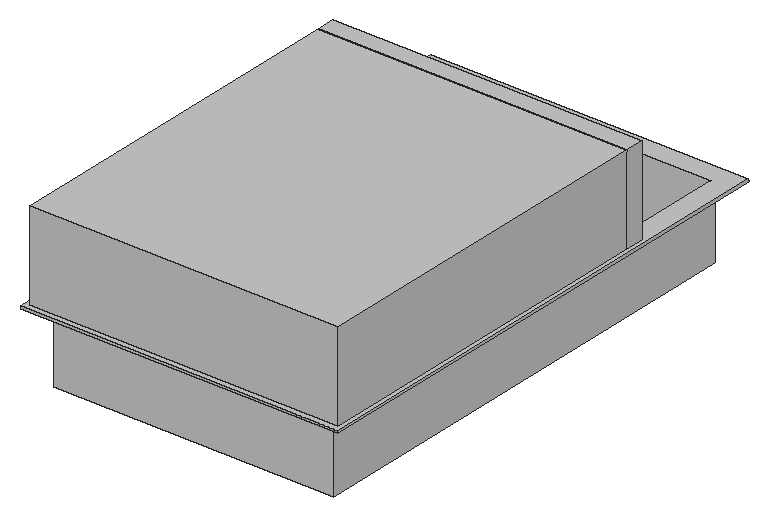
Revit family "RBA BIM - B43644", category Specialty Equipment, host Face, Revit 2013
Parameters (values of type "B-43644")
  Width = 0.43815 m
  URL = "www.rba.com.au"
  Model = "B-43644 ConturaSeries"
  Manufacturer = "RBA Group"
  Height = 0.70485 m
  Finish Material = Stainless Steel - Bobrick - Satin
  Description = "Recessed Waste Receptacle"
  Default Elevation = 1.0414 m
  Assembly Code = "C1030200"
Reference planes (m)
  plane 1 "Center (Front/Back)": y = 0
  plane 2: z = 0
  plane 3 "Center (Left/Right)": x = 0
  plane 4: x = -0.193675
  plane 5: y = 0.328612
  plane 6: x = 0.193675
  plane 7: y = -0.328613
  plane 8: z = -0.098425
  plane 9: z = 0.003175
  plane 10: z = 0.125412
  plane 11: y = 0.352425
  plane 12: y = -0.352425
  plane 13: x = -0.219075
  plane 14: x = 0.219075
  plane 15: y = 0.1778
  plane 16: z = -0.09525
  plane 17: x = -0.212725
  plane 18: x = 0.212725
  plane 19: y = 0.1524
  plane 20: y = -0.346075
  plane 21: x = -0.20955
  plane 22: y = -0.346075
  plane 23: y = -0.3429
  plane 24: y = 0.1524
  plane 25: x = -0.20955
Forms (m)
  Extrusion 1, void
    sketch origin (0, 0, 0) x (1, 0, 0) y (0, 1, 0)
      loop
        line (-0.193675, 0.328612) -> (-0.193675, -0.328613) -> (0.193675, -0.328613) -> (0.193675, 0.328612) -> (-0.193675, 0.328612)
    from -0.098425 to 0
  Sweep 2, solid, material "Stainless Steel - Bobrick - Satin" <- "Finish Material"
    path origin (0, 0, 0) x (1, 0, 0) y (0, 1, 0)
      loop
        line (-0.193675, 0.328612) -> (-0.193675, -0.328613) -> (0.193675, -0.328613) -> (0.193675, 0.328612) -> (-0.193675, 0.328612)
    profile origin (-0.193675, 0, 0) x (1, 0, 0) y (0, 0, 1)
      loop
        line (0, 0) -> (0, -0.098425) -> (0.003175, -0.098425) -> (0.003175, 0.003175) -> (-0.0254, 0.003175) -> (-0.0254, 0) -> (0, 0)
  Extrusion 3, solid, material "Stainless Steel - Bobrick - Satin" <- "Finish Material"
    sketch origin (-0.245414, -4.572, -0.098425) x (-1, 0, 0) y (0, -1, 0)
      loop
        line (-0.051739, -4.900612) -> (-0.051739, -4.243387) -> (-0.439089, -4.243387) -> (-0.439089, -4.900612) -> (-0.051739, -4.900612)
    from 0 to 0.003175
  Sweep 4, solid, material "Stainless Steel - Bobrick - Satin" <- "Finish Material"
    path origin (0, 0, 0) x (1, 0, 0) y (0, 0, 1)
      loop
        line (0.212725, 0.003175) -> (0.212725, 0.125413) -> (-0.212725, 0.125413) -> (-0.212725, 0.003175)
    profile origin (-0.212725, 0, 0.064294) x (0, -1, 0) y (1, 0, 0)
      loop
        line (-0.1524, 0) -> (0.346075, 0) -> (0.346075, 0.003175) -> (-0.1524, 0.003175) -> (-0.1524, 0)
  Extrusion 5, solid, material "Stainless Steel - Bobrick - Satin" <- "Finish Material"
    sketch origin (-0.243568, -0.346075, 1.2192) x (-1, 0, 0) y (0, 0, 1)
      loop
        line (-0.030843, -1.093788) -> (-0.456293, -1.093788) -> (-0.456293, -1.216025) -> (-0.030843, -1.216025) -> (-0.030843, -1.093788)
    from 0 to 0.003175
  Sweep 6, solid, material "Stainless Steel - Bobrick - Satin" <- "Finish Material"
    path origin (-0.243568, -0.346075, 1.2192) x (-1, 0, 0) y (0, 0, 1)
      loop
        line (-0.456293, -1.216025) -> (-0.456293, -1.093788) -> (-0.030843, -1.093788) -> (-0.030843, -1.216025)
    profile origin (-0.212725, -0.346075, 0.064294) x (0, 1, 0) y (-1, 0, 0)
      loop
        line (0.523875, 0) -> (0.498475, 0) -> (0.498475, -0.003175) -> (0.523875, -0.003175) -> (0.523875, 0)
Cuts and joins
  joined: Sweep 2, Extrusion 3, Sweep 4, Extrusion 5
Lines and regions (m)
  Masking region 1
    outline origin (-0.245414, -4.572, -0.098425) x (-1, 0, 0) y (0, -1, 0)
      loop
        line (-0.026339, -4.924425) -> (-0.026339, -4.219575) -> (-0.464489, -4.219575) -> (-0.464489, -4.924425) -> (-0.026339, -4.924425)
  Masking region 2
    outline origin (-0.243568, -0.346075, 1.2192) x (-1, 0, 0) y (0, 0, 1)
      loop
        line (-0.024493, -1.216025) -> (-0.030843, -1.216025) -> (-0.030843, -1.093788) -> (-0.456293, -1.093788) -> (-0.456293, -1.216025) -> (-0.462643, -1.216025) -> (-0.462643, -1.2192) -> (-0.437243, -1.2192) -> (-0.437243, -1.317625) -> (-0.049893, -1.317625) -> (-0.049893, -1.2192) -> (-0.024493, -1.2192) -> (-0.024493, -1.216025)
  Masking region 3
    outline origin (0, 0, 0) x (0, 1, 0) y (0, 0, 1)
      loop
        line (0.352425, 0) -> (0.352425, 0.003175) -> (0.1778, 0.003175) -> (0.1778, 0.125412) -> (-0.346075, 0.125412) -> (-0.346075, 0.003175) -> (-0.352425, 0.003175) -> (-0.352425, 0) -> (0.352425, 0)
  symbolic lines
    curve 1: line (-0.193675, 0.328612, -0.098425) -> (0.193675, 0.328612, -0.098425)
    curve 2: line (-0.193675, 0.328612, -0.098425) -> (-0.193675, 0.1778, -0.098425)
    curve 3: line (0.193675, 0.328612, -0.098425) -> (0.193675, 0.1778, -0.098425)
    curve 4: line (-0.212725, 0.1778, -0.098425) -> (0.212725, 0.1778, -0.098425)
    curve 5: line (-0.212725, 0.1778, -0.098425) -> (-0.212725, -0.346075, -0.098425)
    curve 6: line (0.212725, 0.1778, -0.098425) -> (0.212725, -0.346075, -0.098425)
    curve 7: line (-0.212725, 0.1524, -0.098425) -> (0.212725, 0.1524, -0.098425)
    curve 8: line (-0.212725, -0.346075, -0.098425) -> (0.212725, -0.346075, -0.098425)
    curve 9: line (-0.212725, -0.346075, 0.003175) -> (0.212725, -0.346075, 0.003175)
    curve 10: line (-0.193675, -0.346075, 0) -> (0.193675, -0.346075, 0)
    curve 11: line (0, 0.1524, 0.125412) -> (0, 0.1524, 0.003175)
Dimensions and locks (m)
  locked: plane 4 to plane 6 at 0.38735
  equal spacing: plane 4, plane 3 "Center (Left/Right)", plane 6
  locked: plane 5 to plane 7 at 0.657225
  equal spacing: plane 5, plane 1 "Center (Front/Back)", plane 7
  locked: level to plane 8 at 0.098425
  locked: plane 9 to level at 0.003175
  locked: plane 10 to level at 0.125413
  "Width": plane 13 to plane 14
  equal spacing: plane 13, plane 3 "Center (Left/Right)", plane 14
  "Height": plane 11 to plane 12
  equal spacing: plane 11, plane 1 "Center (Front/Back)", plane 12
  locked: plane 12 to plane 15 at 0.530225
  locked: Sweep 2 sketch curve to plane 4 at 0.003175
  locked: plane 16 to plane 8 at 0.003175
  locked: plane 13 to plane 17 at 0.00635
  locked: plane 18 to plane 14 at 0.00635
  locked: plane 12 to plane 20 at 0.00635
  locked: plane 17 to plane 21 at 0.003175
  locked: plane 12 to plane 22 at 0.00635
  locked: plane 23 to plane 22 at 0.003175
  locked: plane 17 to plane 25 at 0.003175
  locked: plane 15 to plane 24 at 0.0254
  aligned and locked: plane 2 to host face
  aligned and locked: level to host face
  aligned and locked: Extrusion 1 sketch curve to plane 5
  aligned and locked: Extrusion 1 sketch curve to plane 4
  aligned and locked: Extrusion 1 sketch curve to plane 6
  aligned and locked: Extrusion 1 sketch curve to plane 7
  aligned and locked: Extrusion 1 to plane 8
  aligned and locked: level to Extrusion 1
  aligned and locked: Sweep 2 sketch curve to plane 4
  aligned and locked: Sweep 2 sketch curve to plane 5
  aligned and locked: Sweep 2 sketch curve to plane 6
  aligned and locked: Sweep 2 sketch curve to plane 7
  aligned and locked: profile plane to Sweep 2 sketch curve  (x2)
  aligned and locked: Sweep 2 sketch curve to plane 9
  aligned and locked: Sweep 2 sketch curve to plane 13
  aligned and locked: Sweep 2 sketch curve to plane 8
  aligned and locked: Extrusion 3 sketch curve to plane 4
  aligned and locked: Extrusion 3 sketch curve to plane 5
  aligned and locked: Extrusion 3 sketch curve to plane 6
  aligned and locked: Extrusion 3 sketch curve to plane 7
  aligned and locked: Extrusion 3 to plane 8
  aligned and locked: plane 16 to Extrusion 3
  aligned and locked: Sweep 4 sketch curve to plane 17
  aligned and locked: Sweep 4 sketch curve to plane 10
  aligned and locked: plane 18 to Sweep 4 sketch curve
  aligned and locked: plane 9 to Sweep 4 sketch curve  (x2)
  aligned and locked: plane 19 to Sweep 4 sketch curve
  aligned and locked: plane 17 to Sweep 4 sketch curve
  aligned and locked: plane 21 to Sweep 4 sketch curve
  aligned and locked: plane 17 to Extrusion 5 sketch curve
  aligned and locked: plane 10 to Extrusion 5 sketch curve
  aligned and locked: plane 9 to Extrusion 5 sketch curve
  aligned and locked: Extrusion 5 sketch curve to plane 18
  aligned and locked: Extrusion 5 to plane 22
  aligned and locked: plane 23 to Extrusion 5
  aligned and locked: plane 17 to Sweep 6 sketch curve  (x2)
  aligned and locked: plane 10 to Sweep 6 sketch curve
  aligned and locked: Sweep 6 sketch curve to plane 18
  aligned and locked: plane 9 to Sweep 6 sketch curve  (x2)
  aligned and locked: plane 15 to Sweep 6 sketch curve
  aligned and locked: plane 24 to Sweep 6 sketch curve
  aligned and locked: plane 25 to Sweep 6 sketch curve
  aligned and locked: Masking region 1 sketch curve to plane 13
  aligned and locked: Masking region 1 sketch curve to plane 11
  aligned and locked: plane 14 to Masking region 1 sketch curve
  aligned and locked: plane 12 to Masking region 1 sketch curve
  aligned and locked: curve 1 to plane 5
  aligned and locked: curve 2 to plane 4
  aligned and locked: curve 3 to plane 6
  aligned and locked: curve 4 to plane 15
  aligned and locked: curve 5 to plane 17
  aligned and locked: plane 18 to curve 6
  aligned and locked: curve 7 to Sweep 6
  aligned and locked: plane 13 to Masking region 2 sketch curve
  aligned and locked: plane 17 to Masking region 2 sketch curve
  aligned and locked: plane 10 to Masking region 2 sketch curve
  aligned and locked: host face to Masking region 2 sketch curve
  aligned and locked: plane 9 to Masking region 2 sketch curve
  aligned and locked: plane 4 to Masking region 2 sketch curve
  aligned and locked: plane 8 to Masking region 2 sketch curve
  aligned and locked: plane 6 to Masking region 2 sketch curve
  aligned and locked: Masking region 2 sketch curve to plane 18
  aligned and locked: Masking region 2 sketch curve to plane 14
  aligned and locked: plane 9 to curve 9
  aligned and locked: plane 17 to curve 9
  aligned and locked: plane 18 to curve 9
  aligned and locked: plane 6 to curve 10
  aligned and locked: plane 4 to curve 10
  aligned and locked: host face to Masking region 3 sketch curve
  aligned and locked: plane 9 to Masking region 3 sketch curve  (x2)
  aligned and locked: plane 11 to Masking region 3 sketch curve
  aligned and locked: plane 15 to Masking region 3 sketch curve
  aligned and locked: plane 10 to Masking region 3 sketch curve
  aligned and locked: plane 22 to Masking region 3 sketch curve
  aligned and locked: Masking region 3 sketch curve to plane 12
  aligned and locked: curve 11 to Sweep 6
  aligned and locked: curve 8 to plane 22
Automatic sketch dimensions
  host sketch curve to host sketch curve = 2.4384 m  (x2)
  Sweep 4 sketch curve to plane 20 = 0.000 m
  curve 2 to plane 12 = 0.530225 m
  Masking region 2 sketch curve to plane 9 = 0.000 m
  Masking region 2 sketch curve to level = 0.000 m
  curve 10 to level = 0.000 m
  curve 11 to plane 9 = 0.000 m
  curve 11 to plane 10 = 0.000 m
